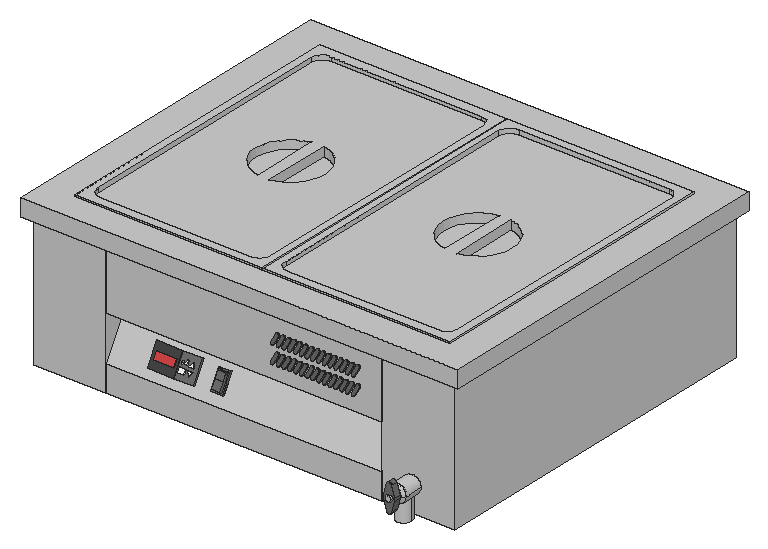
Revit family "QF_INOMAK_MAV67_250604095704", category Specialty Equipment, Revit 2021
Family settings
  Round Connector Dimension = Use Diameter
  Part Type = Normal
  OmniClass Number = 23.40.40.14
  OmniClass Title = Food Service Equipment
  Work Plane-Based = No
  Always vertical = Yes
  Cut with Voids When Loaded = No
  Shared = No
  Room Calculation Point = No
Parameters (values of type "MAV67")
  Weight [instance] = 17.00 kg
  Waste Water Discharge Temperature [instance] = 0 °C
  Waste Remarks [instance] = ""
  Warranty Start Date [instance] = ""
  Warranty Duration [instance] = ""
  Volts [instance] = 230 V
  Volt Free Conn [instance] = no
  URL Recommended Spares List [instance] = ""
  URL Manufacturer [instance] = ""
  URL Cutsheet [instance] = ""
  URL Critical Spares List [instance] = ""
  URL = "www.inomak.com"
  Technical Documentation [instance] = ""
  Tag Number [instance] = ""
  Status [instance] = ""
  Start Up Current [instance] = 0 A
  Specification by User [instance] = ""
  Specification by Manufacturer [instance] = ""
  Sound Level [instance] = ""
  Show Logo [instance] = yes
  Show Clearances [instance] = yes
  Service Life Duration [instance] = ""
  Serial Number [instance] = ""
  Seismic Rating [instance] = ""
  SMACNA No [instance] = ""
  Revision Code [instance] = ""
  Revision [instance] = ""
  Production Year [instance] = ""
  Potential Equalisation [instance] = no
  Point Load [instance] = 0
  Plumbing Connection Type [instance] = ""
  Phase [instance] = 1
  Other Equipment Approvals [instance] = ""
  Operational Current [instance] = 0 A
  Number of Poles [instance] = 2
  No Load Power Draw [instance] = no
  NAFEM Spec ID Number [instance] = ""
  Model Warning [instance] = ""
  Model = "MAV67"
  Min Ckt Ampacity [instance] = 0 A
  Max Overcurrent Protection [instance] = 10 A
  Masterspec [instance] = ""
  Manufacturer = "INOMAK"
  Main switch integrated [instance] = no
  Length Actual [instance] = 759 mm
  Item Number [instance] = ""
  Installed By [instance] = ""
  Installation Date [instance] = ""
  Indirect Waste Size [instance] = 25.4 mm
  Indirect Waste Remarks [instance] = ""
  Indirect Waste Flow [instance] = 0.0 L/s
  Indirect Waste Connection Type [instance] = ""
  Indirect Waste Connection Height [instance] = 0 mm
  Identify Quantity as Lot [instance] = no
  ID [instance] = ""
  Hygiene Approval [instance] = ""
  Height Actual [instance] = 268 mm
  HP power [instance] = ""
  Furnished By [instance] = ""
  Foodservice Equipment Identifier [instance] = no
  FL Amps [instance] = 8.7 A
  Electrical Remarks [instance] = ""
  Electric power [instance] = 2000 W
  Electric Connection Type [instance] = ""
  Elec Conn RI Height [instance] = 0 mm
  Elec Conn Connection Height [instance] = 0 mm
  ETL Approved [instance] = no
  Direct Waste Water Discharge Temperature [instance] = -273.15 °C
  Direct Waste Size [instance] = 25.4 mm
  Direct Waste RI Height [instance] = 0 mm
  Direct Waste Flow [instance] = 0.0 L/s
  Direct Waste Connection Height [instance] = 0 mm
  Description = "PORTABLE BAIN MARIE WITH 2 GN PANS CAPACITY"
  Depth Actual [instance] = 629 mm
  Default Elevation = 0 mm
  Cycle [instance] = 50 Hz
  Cost = 0
  Connection to energy optimisation system [instance] = yes
  Conn Plug [instance] = ""
  Conn Conduit [instance] = no
  Centralized building control system with digital interface [instance] = ""
  CSI MasterFormat [instance] = ""
  CE Approved [instance] = no
  Barcode [instance] = 0
  Author [instance] = ""
  Asset Identifier [instance] = ""
  Apparent Power [instance] = 2000 VA
  Accessory [instance] = no
Reference planes
  plane 1 "Center (Front/Back)": y = 0
  plane 2: z = 0
  plane 3 "Center (Left/Right)": x = 0
Forms (mm)
  Extrusion 1, solid, not visible
    sketch origin (670.033, -600.029, 12.001) x (1, 0, 0) y (0, 1, 0)
      loop
        line (-2, 2) -> (-2, -2) -> (2, -2) -> (2, 2) -> (-2, 2)
    from -2 to 2
  Extrusion 2, solid, not visible
    sketch origin (80.004, -600.029, 12.001) x (1, 0, 0) y (0, 1, 0)
      loop
        line (-2, 2) -> (-2, -2) -> (2, -2) -> (2, 2) -> (-2, 2)
    from -2 to 2
Dimensions and locks
  locked: nested 2 to Extrusion 1 at 2  (x2)
  locked: nested 3 to Extrusion 2 at 2  (x2)
  aligned and locked: level to plane 2
Nested families
  nested 1: "QF_INOMAK_PORTABLE_BAIN_MARIES_760_2920" at (0, 0, 0), type "MAV67"
    with Weight 17.00 kg, Warranty Start Date "", Warranty Duration "", URL Cutsheet "", Technical Documentation "", Tag Number "", Status "", Specification by User "", Specification by Manufacturer "", Sound Level "", Solid Fuel Type "", Show Logo yes, Show Clearances yes, Service Life Duration "", Serial Number "", Seismic Rating "", SMACNA No "", Revision Code "", Revision "", Production Year "", Point Load 0, Other Equipment Approvals "", NAFEM Spec ID Number "", Model Warning "", Masterspec "", Length Actual 759 mm, Item Number "", Installed By "", Installation Date "", Identify Quantity as Lot yes, ID "", Hygiene Approval "", Height Actual 268 mm, Furnished By "", Foodservice Equipment Identifier yes, ETL Approved yes, Depth Actual 629 mm, CSI MasterFormat "", CE Approved yes, Barcode "", Author "", Asset Identifier "", Accessory no
  nested 2: "CONN_POINT_DRAIN_2D___Generic_Annotation" at (670.033, -600.029, 10), type "CONN_POINT_DRAIN_2D___Generic_Annotation"
    with Onboard connection annotation symbol visibility yes
  nested 3: "CONN_POINT_ELE_2D___Generic_Annotation" at (80.004, -600.029, 10), type "CONN_POINT_ELE_2D___Generic_Annotation"
    with Onboard connection annotation symbol visibility yes
Connectors
  piping at (670.033, -600.029, 10), diameter 25.4, driven by "Indirect Waste Size", driven by "Direct Waste Flow"
    settings: on Extrusion 1, index 1, connector inside diameter 609.6 mm, connector length 0 mm, flow factor 0, pipe flow 0.0 L/s, pressure drop 0.0 Pa, fitting loss kfactor 0, connector angle 0.00°, fixture units 0, engagement length 0 mm, angle of deflection 0.00°, flow configuration 1, flow direction 2, fitting loss method 0, system type 16, joint type 0, gender type 0, connector reference index -1, connector utility 0, adjustable connector no, is connector primary yes, connector description "Waste connection for MAV67"
  electrical at (80.004, -600.029, 10), driven by "Apparent Power", driven by "Number of Poles", driven by "Volts"
    settings: on Extrusion 2, index 2, voltage 230 V, apparent load 0 VA, apparent load phase1 2000 VA, apparent load phase2 0 VA, apparent load phase3 0 VA, power factor 1, load classification "Other", number of poles 2, system type 31, power factor state 1, is connector primary yes, connector utility no, sub classification motor no, connector description "Electrical connection for MAV67"
Definition of nested family "QF_INOMAK_PORTABLE_BAIN_MARIES_760_2920"
  Parameters (values of type "MBSQ67")
    Weight [instance] = 0.00 kg
    Warranty Start Date [instance] = ""
    Warranty Duration [instance] = ""
    URL Cutsheet [instance] = ""
    URL = "www.inomak.com"
    Technical Documentation [instance] = ""
    Tag Number [instance] = ""
    Status [instance] = ""
    Specification by User [instance] = ""
    Specification by Manufacturer [instance] = ""
    Sound Level [instance] = ""
    Solid Fuel Type [instance] = ""
    Show Logo [instance] = yes
    Show Clearances [instance] = yes
    Service Life Duration [instance] = ""
    Serial Number [instance] = ""
    Seismic Rating [instance] = ""
    SMACNA No [instance] = ""
    Revision Code [instance] = ""
    Revision [instance] = ""
    Production Year [instance] = ""
    Point Load [instance] = 0
    Other Equipment Approvals [instance] = ""
    NAFEM Spec ID Number [instance] = ""
    Model Warning [instance] = ""
    Model = "MBSQ67"
    Masterspec [instance] = ""
    Manufacturer = "INOMAK"
    Length Actual [instance] = 0 mm
    Item Number [instance] = ""
    Installed By [instance] = ""
    Installation Date [instance] = ""
    Identify Quantity as Lot [instance] = yes
    ID [instance] = ""
    Hygiene Approval [instance] = ""
    Height Actual [instance] = 0 mm
    Furnished By [instance] = ""
    Foodservice Equipment Identifier [instance] = yes
    ETL Approved [instance] = yes
    Description = "PORTABLE BAIN MARIE WITH 2 GN PANS CAPACITY AND SQUARE SHOWCASE"
    Depth Actual [instance] = 0 mm
    Default Elevation = 0 mm
    CSI MasterFormat [instance] = ""
    CE Approved [instance] = yes
    Barcode [instance] = ""
    Author [instance] = ""
    Asset Identifier [instance] = ""
    Assembly Code = "E1090320"
    Accessory [instance] = yes
  Types (5, lengths in mm): name | Model | Description
    MBV67 | "MBV67" | "PORTABLE BAIN MARIE WITH 2 GN PANS CAPACITY AND SHOWCASE"
    MEV67 | "MEV67" | "PORTABLE BAIN MARIE WITH 2 GN PANS CAPACITY AND SINGLE SNEEZE GUARD"
    MSV67 | "MSV67" | "PORTABLE BAIN MARIE WITH 2 GN PANS CAPACITY AND DOUBLE SNEEZE GUARD"
    MAV67 | "MAV67" | "PORTABLE BAIN MARIE WITH 2 GN PANS CAPACITY"
    MBSQ67 | "MBSQ67" | "PORTABLE BAIN MARIE WITH 2 GN PANS CAPACITY AND SQUARE SHOWCASE"
  Reference planes
    plane 1 "Back": y = 0
    plane 2: z = 0
    plane 3 "Left": x = 0
    plane 4 "Right": x = 759
    plane 5 "Front": y = -629
    plane 6 "Top": z = 268
  Forms (mm)
    Extrusion 1, solid
      sketch origin (-86.572, -636, -16.393) x (-1, 0, 0) y (0, 0, 1)
        loop
          arc (-522.253, 222.665) -> (-526.351, 223.763) -> (-527.449, 219.665) r 3
          line (-527.449, 219.665) -> (-518.449, 204.077)
          arc (-518.449, 204.077) -> (-514.351, 202.979) -> (-513.253, 207.077) r 3
          line (-513.253, 207.077) -> (-522.253, 222.665)
        loop
          arc (-532.253, 222.665) -> (-536.351, 223.763) -> (-537.449, 219.665) r 3
          line (-537.449, 219.665) -> (-528.449, 204.077)
          arc (-528.449, 204.077) -> (-524.351, 202.979) -> (-523.253, 207.077) r 3
          line (-523.253, 207.077) -> (-532.253, 222.665)
        loop
          arc (-542.253, 222.665) -> (-546.351, 223.763) -> (-547.449, 219.665) r 3
          line (-547.449, 219.665) -> (-538.449, 204.077)
          arc (-538.449, 204.077) -> (-534.351, 202.979) -> (-533.253, 207.077) r 3
          line (-533.253, 207.077) -> (-542.253, 222.665)
        loop
          arc (-552.253, 222.665) -> (-556.351, 223.763) -> (-557.449, 219.665) r 3
          line (-557.449, 219.665) -> (-548.449, 204.077)
          arc (-548.449, 204.077) -> (-544.351, 202.979) -> (-543.253, 207.077) r 3
          line (-543.253, 207.077) -> (-552.253, 222.665)
        loop
          arc (-562.253, 222.665) -> (-566.351, 223.763) -> (-567.449, 219.665) r 3
          line (-567.449, 219.665) -> (-558.449, 204.077)
          arc (-558.449, 204.077) -> (-554.351, 202.979) -> (-553.253, 207.077) r 3
          line (-553.253, 207.077) -> (-562.253, 222.665)
        loop
          arc (-572.253, 222.665) -> (-576.351, 223.763) -> (-577.449, 219.665) r 3
          line (-577.449, 219.665) -> (-568.449, 204.077)
          arc (-568.449, 204.077) -> (-564.351, 202.979) -> (-563.253, 207.077) r 3
          line (-563.253, 207.077) -> (-572.253, 222.665)
        loop
          arc (-582.253, 222.665) -> (-586.351, 223.763) -> (-587.449, 219.665) r 3
          line (-587.449, 219.665) -> (-578.449, 204.077)
          arc (-578.449, 204.077) -> (-574.351, 202.979) -> (-573.253, 207.077) r 3
          line (-573.253, 207.077) -> (-582.253, 222.665)
        loop
          arc (-592.253, 222.665) -> (-596.351, 223.763) -> (-597.449, 219.665) r 3
          line (-597.449, 219.665) -> (-588.449, 204.077)
          arc (-588.449, 204.077) -> (-584.351, 202.979) -> (-583.253, 207.077) r 3
          line (-583.253, 207.077) -> (-592.253, 222.665)
        loop
          arc (-602.253, 222.665) -> (-606.351, 223.763) -> (-607.449, 219.665) r 3
          line (-607.449, 219.665) -> (-598.449, 204.077)
          arc (-598.449, 204.077) -> (-594.351, 202.979) -> (-593.253, 207.077) r 3
          line (-593.253, 207.077) -> (-602.253, 222.665)
        loop
          arc (-612.253, 222.665) -> (-616.351, 223.763) -> (-617.449, 219.665) r 3
          line (-617.449, 219.665) -> (-608.449, 204.077)
          arc (-608.449, 204.077) -> (-604.351, 202.979) -> (-603.253, 207.077) r 3
          line (-603.253, 207.077) -> (-612.253, 222.665)
        loop
          arc (-622.253, 222.665) -> (-626.351, 223.763) -> (-627.449, 219.665) r 3
          line (-627.449, 219.665) -> (-618.449, 204.077)
          arc (-618.449, 204.077) -> (-614.351, 202.979) -> (-613.253, 207.077) r 3
          line (-613.253, 207.077) -> (-622.253, 222.665)
        loop
          arc (-632.253, 222.665) -> (-636.351, 223.763) -> (-637.449, 219.665) r 3
          line (-637.449, 219.665) -> (-628.449, 204.077)
          arc (-628.449, 204.077) -> (-624.351, 202.979) -> (-623.253, 207.077) r 3
          line (-623.253, 207.077) -> (-632.253, 222.665)
        loop
          arc (-642.253, 222.665) -> (-646.351, 223.763) -> (-647.449, 219.665) r 3
          line (-647.449, 219.665) -> (-638.449, 204.077)
          arc (-638.449, 204.077) -> (-634.351, 202.979) -> (-633.253, 207.077) r 3
          line (-633.253, 207.077) -> (-642.253, 222.665)
        loop
          arc (-652.253, 222.665) -> (-656.351, 223.763) -> (-657.449, 219.665) r 3
          line (-657.449, 219.665) -> (-648.449, 204.077)
          arc (-648.449, 204.077) -> (-644.351, 202.979) -> (-643.253, 207.077) r 3
          line (-643.253, 207.077) -> (-652.253, 222.665)
        loop
          arc (-662.253, 222.665) -> (-666.351, 223.763) -> (-667.449, 219.665) r 3
          line (-667.449, 219.665) -> (-658.449, 204.077)
          arc (-658.449, 204.077) -> (-654.351, 202.979) -> (-653.253, 207.077) r 3
          line (-653.253, 207.077) -> (-662.253, 222.665)
        loop
          arc (-522.253, 192.665) -> (-526.351, 193.763) -> (-527.449, 189.665) r 3
          line (-527.449, 189.665) -> (-518.449, 174.077)
          arc (-518.449, 174.077) -> (-514.351, 172.979) -> (-513.253, 177.077) r 3
          line (-513.253, 177.077) -> (-522.253, 192.665)
        loop
          arc (-532.253, 192.665) -> (-536.351, 193.763) -> (-537.449, 189.665) r 3
          line (-537.449, 189.665) -> (-528.449, 174.077)
          arc (-528.449, 174.077) -> (-524.351, 172.979) -> (-523.253, 177.077) r 3
          line (-523.253, 177.077) -> (-532.253, 192.665)
        loop
          arc (-542.253, 192.665) -> (-546.351, 193.763) -> (-547.449, 189.665) r 3
          line (-547.449, 189.665) -> (-538.449, 174.077)
          arc (-538.449, 174.077) -> (-534.351, 172.979) -> (-533.253, 177.077) r 3
          line (-533.253, 177.077) -> (-542.253, 192.665)
        loop
          arc (-552.253, 192.665) -> (-556.351, 193.763) -> (-557.449, 189.665) r 3
          line (-557.449, 189.665) -> (-548.449, 174.077)
          arc (-548.449, 174.077) -> (-544.351, 172.979) -> (-543.253, 177.077) r 3
          line (-543.253, 177.077) -> (-552.253, 192.665)
        loop
          arc (-562.253, 192.665) -> (-566.351, 193.763) -> (-567.449, 189.665) r 3
          line (-567.449, 189.665) -> (-558.449, 174.077)
          arc (-558.449, 174.077) -> (-554.351, 172.979) -> (-553.253, 177.077) r 3
          line (-553.253, 177.077) -> (-562.253, 192.665)
        loop
          arc (-572.253, 192.665) -> (-576.351, 193.763) -> (-577.449, 189.665) r 3
          line (-577.449, 189.665) -> (-568.449, 174.077)
          arc (-568.449, 174.077) -> (-564.351, 172.979) -> (-563.253, 177.077) r 3
          line (-563.253, 177.077) -> (-572.253, 192.665)
        loop
          arc (-582.253, 192.665) -> (-586.351, 193.763) -> (-587.449, 189.665) r 3
          line (-587.449, 189.665) -> (-578.449, 174.077)
          arc (-578.449, 174.077) -> (-574.351, 172.979) -> (-573.253, 177.077) r 3
          line (-573.253, 177.077) -> (-582.253, 192.665)
        loop
          arc (-592.253, 192.665) -> (-596.351, 193.763) -> (-597.449, 189.665) r 3
          line (-597.449, 189.665) -> (-588.449, 174.077)
          arc (-588.449, 174.077) -> (-584.351, 172.979) -> (-583.253, 177.077) r 3
          line (-583.253, 177.077) -> (-592.253, 192.665)
        loop
          arc (-602.253, 192.665) -> (-606.351, 193.763) -> (-607.449, 189.665) r 3
          line (-607.449, 189.665) -> (-598.449, 174.077)
          arc (-598.449, 174.077) -> (-594.351, 172.979) -> (-593.253, 177.077) r 3
          line (-593.253, 177.077) -> (-602.253, 192.665)
        loop
          arc (-612.253, 192.665) -> (-616.351, 193.763) -> (-617.449, 189.665) r 3
          line (-617.449, 189.665) -> (-608.449, 174.077)
          arc (-608.449, 174.077) -> (-604.351, 172.979) -> (-603.253, 177.077) r 3
          line (-603.253, 177.077) -> (-612.253, 192.665)
        loop
          arc (-622.253, 192.665) -> (-626.351, 193.763) -> (-627.449, 189.665) r 3
          line (-627.449, 189.665) -> (-618.449, 174.077)
          arc (-618.449, 174.077) -> (-614.351, 172.979) -> (-613.253, 177.077) r 3
          line (-613.253, 177.077) -> (-622.253, 192.665)
        loop
          arc (-632.253, 192.665) -> (-636.351, 193.763) -> (-637.449, 189.665) r 3
          line (-637.449, 189.665) -> (-628.449, 174.077)
          arc (-628.449, 174.077) -> (-624.351, 172.979) -> (-623.253, 177.077) r 3
          line (-623.253, 177.077) -> (-632.253, 192.665)
        loop
          arc (-642.253, 192.665) -> (-646.351, 193.763) -> (-647.449, 189.665) r 3
          line (-647.449, 189.665) -> (-638.449, 174.077)
          arc (-638.449, 174.077) -> (-634.351, 172.979) -> (-633.253, 177.077) r 3
          line (-633.253, 177.077) -> (-642.253, 192.665)
        loop
          arc (-652.253, 192.665) -> (-656.351, 193.763) -> (-657.449, 189.665) r 3
          line (-657.449, 189.665) -> (-648.449, 174.077)
          arc (-648.449, 174.077) -> (-644.351, 172.979) -> (-643.253, 177.077) r 3
          line (-643.253, 177.077) -> (-652.253, 192.665)
        loop
          arc (-662.253, 192.665) -> (-666.351, 193.763) -> (-667.449, 189.665) r 3
          line (-667.449, 189.665) -> (-658.449, 174.077)
          arc (-658.449, 174.077) -> (-654.351, 172.979) -> (-653.253, 177.077) r 3
          line (-653.253, 177.077) -> (-662.253, 192.665)
      from 16.5 to 18.5
    Extrusion 2, solid
      sketch origin (0, -641.208, 0) x (-1, 0, 0) y (0, 0, 1)
        loop
          line (-15, 10) -> (-15, 238) -> (-140, 238) -> (-140, 10) -> (-15, 10)
      from 22.208 to 631.208
    Extrusion 3, solid
      sketch origin (0, 0, 238) x (1, 0, 0) y (0, 1, 0)
        loop
          line (0, 0) -> (0, -629) -> (759, -629) -> (759, 0) -> (0, 0)
        loop
          line (55, -579) -> (704, -579) -> (704, -49) -> (55, -49) -> (55, -579)
      from 0 to 30
    Extrusion 4, solid
      sketch origin (759.5, -641.208, 0) x (1, 0, 0) y (0, 0, -1)
        loop
          line (-15, -10) -> (-140.5, -10) -> (-140.5, -238) -> (-15, -238) -> (-15, -10)
      from 22.208 to 631.208
    Extrusion 5, solid
      sketch origin (0, 0, 0) x (0, 1, 0) y (0, 0, 1)
        loop
          line (-619, 238) -> (-619, 133.92) -> (-579, 124.282) -> (-619, 55) -> (-619, 10) -> (-10, 10) -> (-10, 238) -> (-619, 238)
      from 140 to 619
    Revolve 6, solid
      sketch origin (0, -594, 0) x (-1, 0, 0) y (0, 0, 1)
        loop
          line (-27.5, 10) -> (-40, 10) -> (-40, 0) -> (-30, 0) -> (-27.5, 10)
        axis (-40, 0) -> (-40, 10)
      angle from 0 to 360
    Revolve 7, solid
      sketch origin (759, -594, 0) x (1, 0, 0) y (0, 0, -1)
        loop
          line (-27.5, -10) -> (-30, 0) -> (-40, 0) -> (-40, -10) -> (-27.5, -10)
        axis (-40, 0) -> (-40, -10)
      angle from 0 to 360
    Extrusion 8, solid
      sketch origin (-1, -646.329, 9.665) x (-1, 0, 0) y (0, 0.5, 0.866025)
        loop
          line (-208.234, 108.408) -> (-253.234, 108.408) -> (-253.234, 68.408) -> (-208.234, 68.408) -> (-208.234, 108.408)
      from 0 to 2
    Extrusion 9, solid
      sketch origin (-612.766, -619.914, 59.417) x (-1, 0, 0) y (0, 0.5, 0.866025)
        loop
          line (-950, 15) -> (-930, 15) -> (-930, 50) -> (-950, 50) -> (-950, 15)
      from 0 to 3
    Extrusion 10, solid
      sketch origin (-584.766, -511.66, -3.083) x (0, 0.866025, -0.5) y (0, 0.5, 0.866025)
        loop
          line (-125, 18) -> (-125, 47)
          arc (-125, 47) -> (-127.961, 46.812) -> (-130.754, 45.81) r 10.576
          line (-130.754, 45.81) -> (-128, 32.5) -> (-128, 18) -> (-125, 18)
      from 905 to 919
    Extrusion 11, solid
      sketch origin (44, -646.329, 9.665) x (-1, 0, 0) y (0, 0.5, 0.866025)
        loop
          line (-208.234, 108.408) -> (-243.234, 108.408) -> (-243.234, 68.408) -> (-208.234, 68.408) -> (-208.234, 108.408)
      from 0 to 2
    Extrusion 12, solid
      sketch origin (-1, -646.762, 9.915) x (-1, 0, 0) y (0, 0.5, 0.866025)
        loop
          line (-213.234, 94.908) -> (-248.234, 94.908) -> (-248.234, 81.908) -> (-213.234, 81.908) -> (-213.234, 94.908)
      from 0 to 2.5
    Extrusion 13, solid
      sketch origin (-1, -646.762, 9.915) x (-1, 0, 0) y (0, 0.5, 0.866025)
        loop
          line (-271.558, 91.171) -> (-275.802, 98.522) -> (-280.047, 91.171) -> (-271.558, 91.171)
        loop
          line (-271.558, 85.645) -> (-280.047, 85.645) -> (-275.802, 78.294) -> (-271.558, 85.645)
        loop
          line (-257.397, 85.645) -> (-267.397, 85.645) -> (-267.397, 78.294) -> (-257.397, 78.294) -> (-257.397, 85.645)
        loop
          line (-265.397, 98.522) -> (-267.397, 98.522) -> (-267.397, 92.322) -> (-259.549, 92.322) -> (-259.549, 91.171) -> (-257.397, 93.322) -> (-259.549, 95.474) -> (-259.549, 94.322) -> (-265.397, 94.322) -> (-265.397, 98.522)
      from 0 to 2.5
    Revolve 14, solid
      sketch origin (0, -25, 0) x (-1, 0, 0) y (0, 0, -1)
        loop
          line (-27.5, -10) -> (-30, 0) -> (-40, 0) -> (-40, -10) -> (-27.5, -10)
        axis (-40, 0) -> (-40, -10)
      angle from 0 to 360
    Revolve 15, solid
      sketch origin (759, -25, 0) x (1, 0, 0) y (0, 0, 1)
        loop
          line (-27.5, 10) -> (-40, 10) -> (-40, 0) -> (-30, 0) -> (-27.5, 10)
        axis (-40, 0) -> (-40, 10)
      angle from 0 to 360
    Extrusion 16, solid
      sketch origin (-1, 4.125, 0) x (1, 0, 0) y (0, 1, 0)
        loop
          circle (672.38, -640.973) r 13
        loop
          circle (672.38, -640.973) r 11
      from 10 to 55
    Revolve 17, solid
      sketch origin (-1, 1, 55) x (1, 0, 0) y (0, 1, 0)
        loop
          line (657.38, -620) -> (657.38, -651.68) -> (662.497, -655.973) -> (672.497, -655.973) -> (672.497, -620) -> (657.38, -620)
        axis (672.497, -655.973) -> (672.497, -620)
      angle from 0 to 360
    Extrusion 18, solid
      sketch origin (-1, -629, 0) x (-1, 0, 0) y (0, 0, 1)
        loop
          circle (-672.38, 55) r 5
      from -41.78 to -25.973
    Extrusion 19, solid
      sketch origin (-1, -629, 0) x (-1, 0, 0) y (0, 0, 1)
        loop
          arc (-682.087, 57.836) -> (-682.497, 55) -> (-682.087, 52.164) r 10
          line (-682.087, 52.164) -> (-676.619, 33.676)
          arc (-676.619, 33.676) -> (-672.497, 30.597) -> (-668.376, 33.676) r 4.298
          line (-668.376, 33.676) -> (-662.908, 52.164)
          arc (-662.908, 52.164) -> (-662.497, 55) -> (-662.908, 57.836) r 10
          line (-662.908, 57.836) -> (-668.376, 76.324)
          arc (-668.376, 76.324) -> (-672.497, 79.403) -> (-676.619, 76.324) r 4.298
          line (-676.619, 76.324) -> (-682.087, 57.836)
      from -39.243 to -29.243
    Extrusion 20, solid
      sketch origin (-0.5, 1, 0) x (1, 0, 0) y (0, 1, 0)
        loop
          line (55.5, -50) -> (55.5, -580) -> (380, -580) -> (380, -50) -> (55.5, -50)
        loop
          arc (87.5, -65) -> (73.358, -70.858) -> (67.5, -85) r 20
          line (67.5, -85) -> (67.5, -545.415)
          arc (67.5, -545.415) -> (73.358, -559.557) -> (87.5, -565.415) r 20
          line (87.5, -565.415) -> (347.5, -565.415)
          arc (347.5, -565.415) -> (361.642, -559.557) -> (367.5, -545.415) r 20
          line (367.5, -545.415) -> (367.5, -85)
          arc (367.5, -85) -> (361.642, -70.858) -> (347.5, -65) r 20
          line (347.5, -65) -> (87.5, -65)
      from 238 to 270
    Extrusion 21, solid
      sketch origin (-0.5, 1, -7) x (1, 0, 0) y (0, 1, 0)
        loop
          arc (67.5, -545.415) -> (73.358, -559.557) -> (87.5, -565.415) r 20
          line (87.5, -565.415) -> (347.5, -565.415)
          arc (347.5, -565.415) -> (361.642, -559.557) -> (367.5, -545.415) r 20
          line (367.5, -545.415) -> (367.5, -85)
          arc (367.5, -85) -> (361.642, -70.858) -> (347.5, -65) r 20
          line (347.5, -65) -> (87.5, -65)
          arc (87.5, -65) -> (73.358, -70.858) -> (67.5, -85) r 20
          line (67.5, -85) -> (67.5, -545.415)
      from 245 to 270
    Extrusion 22, void
      sketch origin (-0.5, 1, 8) x (1, 0, 0) y (0, 1, 0)
        loop
          arc (207.5, -256.046) -> (157.5, -315.207) -> (207.5, -374.368) r 60
          line (207.5, -374.368) -> (207.5, -256.046)
        loop
          line (227.5, -256.046) -> (227.5, -374.368)
          arc (227.5, -374.368) -> (277.5, -315.207) -> (227.5, -256.046) r 60
      from 240 to 270
    Extrusion 23, solid
      sketch origin (324.5, 1, 0) x (1, 0, 0) y (0, 1, 0)
        loop
          line (55, -50) -> (55, -580) -> (379.5, -580) -> (379.5, -50) -> (55, -50)
        loop
          arc (87.5, -65) -> (73.358, -70.858) -> (67.5, -85) r 20
          line (67.5, -85) -> (67.5, -545.415)
          arc (67.5, -545.415) -> (73.358, -559.557) -> (87.5, -565.415) r 20
          line (87.5, -565.415) -> (347.5, -565.415)
          arc (347.5, -565.415) -> (361.642, -559.557) -> (367.5, -545.415) r 20
          line (367.5, -545.415) -> (367.5, -85)
          arc (367.5, -85) -> (361.642, -70.858) -> (347.5, -65) r 20
          line (347.5, -65) -> (87.5, -65)
      from 238 to 270
    Extrusion 24, solid
      sketch origin (324.5, 1, -7) x (1, 0, 0) y (0, 1, 0)
        loop
          arc (67.5, -545.415) -> (73.358, -559.557) -> (87.5, -565.415) r 20
          line (87.5, -565.415) -> (347.5, -565.415)
          arc (347.5, -565.415) -> (361.642, -559.557) -> (367.5, -545.415) r 20
          line (367.5, -545.415) -> (367.5, -85)
          arc (367.5, -85) -> (361.642, -70.858) -> (347.5, -65) r 20
          line (347.5, -65) -> (87.5, -65)
          arc (87.5, -65) -> (73.358, -70.858) -> (67.5, -85) r 20
          line (67.5, -85) -> (67.5, -545.415)
      from 245 to 270
    Extrusion 25, void
      sketch origin (324.5, 1, 8) x (1, 0, 0) y (0, 1, 0)
        loop
          arc (207.5, -256.046) -> (157.5, -315.207) -> (207.5, -374.368) r 60
          line (207.5, -374.368) -> (207.5, -256.046)
        loop
          line (227.5, -256.046) -> (227.5, -374.368)
          arc (227.5, -374.368) -> (277.5, -315.207) -> (227.5, -256.046) r 60
      from 240 to 270
  Cuts and joins
    Extrusion 22, Extrusion 25 cuts Extrusion 21
    Extrusion 25 cuts Extrusion 24
  Lines and regions (mm)
    symbolic lines
      curve 1: line (0, 0, 0) -> (759, 0, 0)
      curve 2: line (0, -629, 0) -> (0, 0, 0)
      curve 3: line (759, -629, 0) -> (0, -629, 0)
      curve 4: line (759, 0, 0) -> (759, -629, 0)
      curve 5: line (55, -49, 0) -> (704, -49, 0)
      curve 6: line (55, -579, 0) -> (55, -49, 0)
      curve 7: line (704, -579, 0) -> (55, -579, 0)
      curve 8: line (704, -49, 0) -> (704, -579, 0)
      curve 9: line (379.5, -49, 0) -> (379.5, -579, 0)
      curve 10: line (87, -64, 0) -> (347, -64, 0)
      curve 11: arc (67, -84, 0) -> (72.858, -69.858, 0) -> (87, -64, 0) r 20
      curve 12: line (67, -544.415, 0) -> (67, -84, 0)
      curve 13: arc (87, -564.415, 0) -> (72.858, -558.557, 0) -> (67, -544.415, 0) r 20
      curve 14: line (347, -564.415, 0) -> (87, -564.415, 0)
      curve 15: arc (367, -544.415, 0) -> (361.142, -558.557, 0) -> (347, -564.415, 0) r 20
      curve 16: line (367, -84, 0) -> (367, -544.415, 0)
      curve 17: arc (347, -64, 0) -> (361.142, -69.858, 0) -> (367, -84, 0) r 20
      curve 18: arc (227, -373.368, 0) -> (277, -314.207, 0) -> (227, -255.046, 0) r 60
      curve 19: line (227, -255.046, 0) -> (227, -373.368, 0)
      curve 20: line (207, -373.368, 0) -> (207, -255.046, 0)
      curve 21: arc (207, -255.046, 0) -> (157, -314.207, 0) -> (207, -373.368, 0) r 60
      curve 22: line (392, -544.415, 0) -> (392, -84, 0)
      curve 23: arc (392, -84, 0) -> (397.858, -69.858, 0) -> (412, -64, 0) r 20
      curve 24: line (412, -64, 0) -> (672, -64, 0)
      curve 25: arc (672, -64, 0) -> (686.142, -69.858, 0) -> (692, -84, 0) r 20
      curve 26: line (692, -84, 0) -> (692, -544.415, 0)
      curve 27: arc (692, -544.415, 0) -> (686.142, -558.557, 0) -> (672, -564.415, 0) r 20
      curve 28: line (672, -564.415, 0) -> (412, -564.415, 0)
      curve 29: arc (412, -564.415, 0) -> (397.858, -558.557, 0) -> (392, -544.415, 0) r 20
      curve 30: arc (532, -255.046, 0) -> (482, -314.207, 0) -> (532, -373.368, 0) r 60
      curve 31: line (532, -373.368, 0) -> (532, -255.046, 0)
      curve 32: line (552, -255.046, 0) -> (552, -373.368, 0)
      curve 33: arc (552, -373.368, 0) -> (602, -314.207, 0) -> (552, -255.046, 0) r 60
  Dimensions and locks
    plane 3 "Left" to plane 4 "Right" = 759 mm
    plane 5 "Front" to plane 1 "Back" = 629 mm
    plane 6 "Top" to plane 2 = 268 mm
    aligned and locked: level to plane 2
Definition of nested family "CONN_POINT_DRAIN_2D___Generic_Annotation"
  Parameters (values of type "CONN_POINT_DRAIN_2D___Generic_Annotation")
    Onboard connection annotation symbol visibility [instance] = yes
  Reference planes
    plane 1: y = 0
    plane 2: x = 0
  Lines and regions (mm)
    detail lines, visible <- "Onboard connection annotation symbol visibility"
      curve 1: circle (0, 0, 0) r 0.5 normal (0, 0, 1)
      curve 2: line (-1, 0, 0) -> (1, 0, 0)
      curve 3: line (0, 1, 0) -> (0, -1, 0)
      curve 4: line (1.776, 1, 0) -> (1.25, 1, 0)
      curve 5: line (1.25, 1, 0) -> (1.25, -1, 0)
      curve 6: line (1.25, -1, 0) -> (1.776, -1, 0)
      curve 7: arc (2.206, -0.862, 0) -> (2.459, -0.589, 0) -> (2.583, -0.238, 0) r 0.918
      curve 8: arc (2.583, 0.238, 0) -> (2.459, 0.589, 0) -> (2.206, 0.862, 0) r 0.918
      curve 9: arc (2.583, -0.238, 0) -> (2.599, 0, 0) -> (2.583, 0.238, 0) r 1.77
      curve 10: arc (2.206, 0.862, 0) -> (2.002, 0.965, 0) -> (1.776, 1, 0) r 0.741
      curve 11: arc (1.776, -1, 0) -> (2.002, -0.965, 0) -> (2.206, -0.862, 0) r 0.741
Definition of nested family "CONN_POINT_ELE_2D___Generic_Annotation"
  Parameters (values of type "CONN_POINT_ELE_2D___Generic_Annotation")
    Onboard connection annotation symbol visibility [instance] = yes
  Reference planes
    plane 1: y = 0
    plane 2: x = 0
  Lines and regions (mm)
    detail lines, visible <- "Onboard connection annotation symbol visibility"
      curve 1: circle (0, 0, 0) r 0.5 normal (0, 0, 1)
      curve 2: line (-1, 0, 0) -> (1, 0, 0)
      curve 3: line (0, 1, 0) -> (0, -1, 0)
      curve 4: line (2.5, 1, 0) -> (1.25, 1, 0)
      curve 5: line (1.25, 1, 0) -> (1.25, -1, 0)
      curve 6: line (1.25, -1, 0) -> (2.5, -1, 0)
      curve 7: line (1.25, 0, 0) -> (2, 0, 0)
